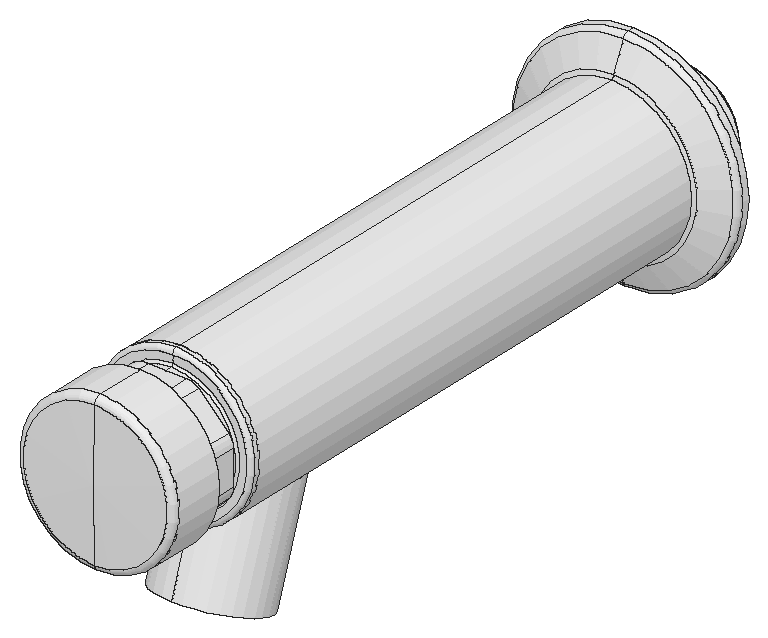
Revit family "rba-bim-rba1053-688", category Plumbing Fixtures, Revit 2018
Family settings
  Round Connector Dimension = Use Diameter
  Part Type = Normal
  Work Plane-Based = Yes
  Always vertical = Yes
  Cut with Voids When Loaded = No
  Shared = Yes
  Room Calculation Point = No
Parameters (values of type "RBA1053-688")
  URL = "http://www.rba.com.au/tapware/wall-mounted"
  Type Comments = ""
  Tap = Polished Chrome Finish
  Spout Length [instance] = 36.000 mm
  Phone # = "1300 788 778"
  Modified Issue = ""
  Model = "RBA1053-688"
  Manufacturer = "DOCOL"
  Keynote = "Self Closing Push Tap with Control Valve"
  Description = "6 Star WELS, with Isolation Valve"
  Default Elevation = 1219.200 mm
  Connection = "G1/2B"
Reference planes
  plane 1 "Center (Front/Back)": y = 0
  plane 2: z = 0
  plane 3 "Center (Left/Right)": x = 0
  plane 4: z = 0
  plane 5: y = -148
  plane 6: z = 17.25
  plane 7: z = -17.25
  plane 8: y = -116
  plane 9: z = -36
  plane 10: x = -11.5
  plane 11: x = 11.5
  plane 12: through (0, -102.916, -0.053) normal (0, -0.9397, 0.342)
  plane 13: through (0, -90.94, -0.772) normal (0, -0.9397, 0.342)
  plane 14: through (0, -112.553, 7.094) normal (0, -0.9397, 0.342)
Forms (mm)
  Revolve 1, solid, material "Polished Chrome Finish" <- "Tap"
    sketch origin (0, 0, 0) x (0, 1, 0) y (0, 0, 1)
      loop
        line (-0.398, 0) -> (14, 0) -> (14, 11.708) -> (13, 11.708) -> (12.043, 13.52) -> (11.086, 11.708) -> (10.129, 13.52) -> (9.172, 11.708) -> (8.214, 13.52) -> (7.258, 11.708) -> (6.3, 13.52) -> (5.344, 11.708) -> (4.386, 13.52) -> (3.43, 11.708) -> (2.472, 13.52) -> (1.516, 11.708) -> (0.558, 13.52) -> (-0.398, 11.708) -> (-0.398, 0)
      axis (-0.398, 0) -> (14, 0)
    angle from 0 to 360
  Extrusion 2, solid, material "Polished Chrome Finish" <- "Tap"
    sketch origin (-153.566, -52.643, 213.076) x (-1, 0, 0) y (0, 0, -1)
      loop
        arc (-168.324, 209.223) -> (-167.994, 207.875) -> (-167.275, 206.689) r 4.564
        line (-167.275, 206.689) -> (-160.729, 200.143)
        arc (-160.729, 200.143) -> (-159.542, 199.423) -> (-158.194, 199.093) r 4.564
        line (-158.194, 199.093) -> (-149.734, 199.093)
        arc (-149.734, 199.093) -> (-147.964, 199.287) -> (-146.403, 200.143) r 4.564
        line (-146.403, 200.143) -> (-139.857, 206.689)
        arc (-139.857, 206.689) -> (-139.137, 207.875) -> (-138.807, 209.223) r 4.564
        line (-138.807, 209.223) -> (-138.807, 216.946)
        arc (-138.807, 216.946) -> (-139.137, 218.294) -> (-139.857, 219.48) r 4.564
        line (-139.857, 219.48) -> (-146.403, 226.026)
        arc (-146.403, 226.026) -> (-147.589, 226.746) -> (-148.937, 227.076) r 4.564
        line (-148.937, 227.076) -> (-158.194, 227.076)
        arc (-158.194, 227.076) -> (-159.542, 226.746) -> (-160.729, 226.026) r 4.564
        line (-160.729, 226.026) -> (-167.275, 219.48)
        arc (-167.275, 219.48) -> (-167.994, 218.294) -> (-168.324, 216.946) r 4.564
        line (-168.324, 216.946) -> (-168.324, 209.223)
    from 75.673 to 82.673
  Revolve 3, solid, material "Polished Chrome Finish" <- "Tap"
    sketch origin (0, -57.198, 0) x (0, 0, 1) y (0, 1, 0)
      loop
        line (-17.25, -67.118) -> (-17.25, -68.118)
        arc (-17.25, -68.118) -> (-16.957, -68.825) -> (-16.25, -69.118) r 1
        line (-16.25, -69.118) -> (-14.5, -69.118)
        arc (-14.5, -69.118) -> (-14.146, -69.265) -> (-14, -69.618) r 0.5
        line (-14, -69.618) -> (-14, -71.118) -> (0, -71.118) -> (0, -67.118) -> (-17.25, -67.118)
      axis (0, -67.118) -> (0, -71.118)
    angle from 0 to 360
  Revolve 4, solid, material "Polished Chrome Finish" <- "Tap"
    sketch origin (0, 0, 0) x (0, 1, 0) y (0, 0, 1)
      loop
        line (0, 0) -> (0, 25) -> (-1.561, 25)
        arc (-1.561, 25) -> (-2.36, 24.759) -> (-2.892, 24.115) r 1.444
        line (-2.892, 24.115) -> (-5.641, 18.225)
        arc (-5.641, 18.225) -> (-5.838, 17.746) -> (-5.991, 17.25) r 5.662
        line (-5.991, 17.25) -> (-124.317, 17.25) -> (-124.317, 0) -> (0, 0)
      axis (-124.317, 0) -> (0, 0)
    angle from 0 to 360
  Revolve 5, solid, material "Polished Chrome Finish" <- "Tap"
    sketch origin (0, 0, 0) x (0, 1, 0) y (0, 0, 1)
      loop
        line (-135.317, -0.009) -> (-135.317, 17.25) -> (-146.219, 17.25)
        arc (-146.219, 17.25) -> (-147.279, 16.812) -> (-147.719, 15.752) r 1.5
        line (-147.719, 15.752) -> (-147.994, -0.009) -> (-135.317, -0.009)
      axis (-135.317, -0.009) -> (-147.994, -0.009)
    angle from 0 to 360
  Revolve 6, solid, material "Polished Chrome Finish" <- "Tap"
    sketch origin (0, -2.667, -0.053) x (0, 1, 0) y (0, 0, 1)
      loop
        line (-113.333, -35.947) -> (-102.526, -39.88) -> (-89.443, -3.933) -> (-100.249, 0) -> (-113.333, -35.947)
      axis (-113.333, -35.947) -> (-100.249, 0)
    angle from 0 to 360
Cuts and joins
  joined: Revolve 4, Revolve 6
